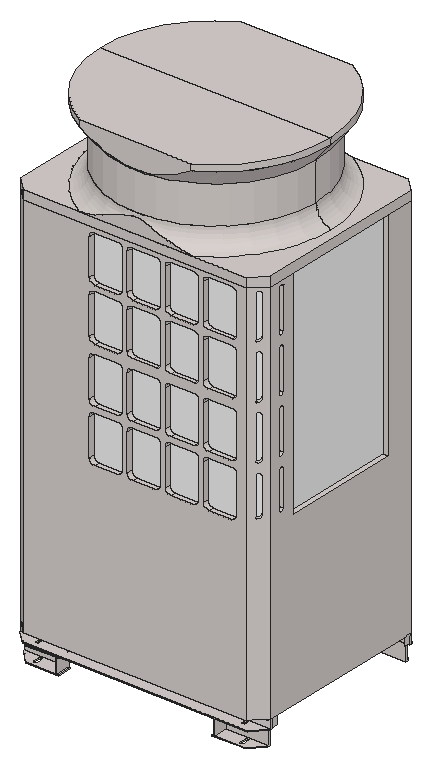
Revit family "PUHY-EM300YNW-A1", category 機械設備, Revit 2016 (continued)
Definition of nested family "FAN GUARD"
  Dimensions and locks
    locked: plane 10 "ファンガード上面" to plane 9 "ファンガード基準上面" at 303
    aligned and locked: level to plane 2
    aligned and locked: plane 5 to Extrusion 1 sketch curve
    aligned and locked: Extrusion 1 sketch curve to plane 6
    aligned and locked: plane 8 to Extrusion 1 sketch curve
    aligned and locked: plane 7 to Extrusion 1 sketch curve
    aligned and locked: plane 9 "ファンガード基準上面" to Extrusion 1
    aligned and locked: plane 4 "ファンガード基準面" to Extrusion 1
    aligned and locked: plane 9 "ファンガード基準上面" to Revolve 2 sketch curve
    aligned and locked: Revolve 2 sketch curve to plane 3 "中心(左/右)"
    aligned and locked: Extrusion 1 to Extrusion 3 sketch curve
    aligned and locked: Extrusion 3 sketch curve to Extrusion 1
    aligned and locked: cut or joined group of Revolve 2, Extrusion 3 to plane 10 "ファンガード上面"
  Automatic sketch dimensions
    Extrusion 1 sketch curve to plane 7 = 50.000 mm  (x2)
    plane 8 to Extrusion 1 sketch curve = 50.000 mm  (x2)
    plane 5 to Extrusion 1 sketch curve = 50.000 mm  (x2)
    Extrusion 1 sketch curve to plane 6 = 50.000 mm  (x2)
    plane 3 "中心(左/右)" to Extrusion 3 sketch curve = 345.000 mm  (x2)
    Extrusion 3 sketch curve to plane 3 "中心(左/右)" = 345.000 mm  (x2)
    Extrusion 3 sketch curve to Extrusion 3 sketch curve = 175.000 mm
    Extrusion 3 sketch curve to Extrusion 3 sketch curve = 169.592 mm
    plane 1 "中心(正面/背面)" to curve 2 = 0.000 mm
    plane 1 "中心(正面/背面)" to curve 3 = 0.000 mm
    curve 3 to plane 3 "中心(左/右)" = 0.000 mm
    curve 12 to plane 3 "中心(左/右)" = 0.000 mm
    plane 1 "中心(正面/背面)" to curve 1 = 0.000 mm
    plane 3 "中心(左/右)" to curve 55 = 10.000 mm
    curve 17 to curve 12 = 20.000 mm
    curve 57 to curve 55 = 20.000 mm
    curve 18 to curve 17 = 20.000 mm
    curve 58 to curve 57 = 20.000 mm
    curve 19 to curve 18 = 20.000 mm
    curve 59 to curve 58 = 20.000 mm
    curve 20 to curve 19 = 20.000 mm
    curve 2 to curve 59 = 10.000 mm
    curve 21 to curve 20 = 20.000 mm
    curve 22 to curve 21 = 20.000 mm
    curve 23 to curve 22 = 20.000 mm
    curve 24 to curve 23 = 20.000 mm
    curve 25 to curve 24 = 20.000 mm
    curve 26 to curve 25 = 20.000 mm
    curve 27 to curve 26 = 20.000 mm
    curve 28 to curve 27 = 20.000 mm
    curve 29 to curve 28 = 20.000 mm
    curve 11 to curve 29 = 16.639 mm
    curve 7 to curve 29 = 16.639 mm
    curve 30 to curve 7 = 3.361 mm
    curve 31 to curve 30 = 20.000 mm
    curve 32 to curve 31 = 20.000 mm
    curve 33 to curve 32 = 20.000 mm
    curve 6 to curve 33 = 8.323 mm
    curve 10 to curve 33 = 8.323 mm
    curve 34 to curve 10 = 11.677 mm
    curve 35 to curve 34 = 20.000 mm
    curve 9 to curve 35 = 11.572 mm
    curve 5 to curve 35 = 11.572 mm
    curve 36 to curve 9 = 8.428 mm
    curve 8 to curve 36 = 15.366 mm
    curve 4 to curve 36 = 15.366 mm
    curve 37 to curve 8 = 4.634 mm
    curve 2 to curve 37 = 3.000 mm
    curve 56 to plane 3 "中心(左/右)" = 10.000 mm
    curve 13 to plane 3 "中心(左/右)" = 20.000 mm
    curve 56 to curve 60 = 20.000 mm
    curve 13 to curve 14 = 20.000 mm
    curve 60 to curve 61 = 20.000 mm
    curve 14 to curve 15 = 20.000 mm
    curve 61 to curve 62 = 20.000 mm
    curve 15 to curve 16 = 20.000 mm
    curve 16 to curve 38 = 20.000 mm
    curve 38 to curve 39 = 20.000 mm
    curve 39 to curve 40 = 20.000 mm
    curve 40 to curve 41 = 20.000 mm
    curve 41 to curve 42 = 20.000 mm
    curve 42 to curve 43 = 20.000 mm
    curve 43 to curve 44 = 20.000 mm
    curve 44 to curve 45 = 20.000 mm
    curve 45 to curve 46 = 20.000 mm
    curve 46 to curve 7 = 16.639 mm
    curve 46 to curve 11 = 16.639 mm
    curve 7 to curve 47 = 3.361 mm
    curve 47 to curve 48 = 20.000 mm
    curve 48 to curve 49 = 20.000 mm
    curve 49 to curve 50 = 20.000 mm
    curve 50 to curve 6 = 8.323 mm
    curve 50 to curve 10 = 8.323 mm
    curve 10 to curve 51 = 11.677 mm
    curve 51 to curve 52 = 20.000 mm
    curve 52 to curve 9 = 11.572 mm
    curve 52 to curve 5 = 11.572 mm
    curve 5 to curve 53 = 8.428 mm
    curve 53 to curve 4 = 15.366 mm
    curve 53 to curve 8 = 15.366 mm
    curve 4 to curve 54 = 4.634 mm
    curve 54 to curve 1 = 3.000 mm
    curve 8 to plane 1 "中心(正面/背面)" = 80.000 mm
    curve 36 to curve 8 = 57.583 mm
    curve 53 to curve 8 = 57.583 mm
    curve 9 to curve 36 = 22.417 mm
    curve 52 to curve 9 = 25.820 mm
    curve 35 to curve 9 = 25.820 mm
    curve 51 to curve 52 = 36.282 mm
    curve 34 to curve 35 = 36.282 mm
    curve 10 to curve 51 = 17.899 mm
    curve 33 to curve 10 = 11.653 mm
    curve 50 to curve 10 = 11.653 mm
    curve 49 to curve 50 = 24.986 mm
    curve 32 to curve 33 = 24.986 mm
    curve 48 to curve 49 = 21.571 mm
    curve 31 to curve 32 = 21.571 mm
    curve 47 to curve 48 = 18.853 mm
    curve 30 to curve 31 = 18.853 mm
    curve 11 to curve 30 = 2.937 mm
    curve 29 to curve 11 = 13.660 mm
    curve 46 to curve 11 = 13.660 mm
    curve 28 to curve 29 = 14.663 mm
    curve 45 to curve 46 = 14.663 mm
    curve 44 to curve 45 = 12.965 mm
    curve 27 to curve 28 = 12.965 mm
    curve 12 to curve 27 = 8.712 mm
    curve 12 to curve 21 = 0.000 mm
    curve 13 to curve 12 = 0.000 mm
    curve 14 to curve 13 = 0.000 mm  (x2)
    curve 12 to curve 18 = 0.000 mm
    curve 21 to curve 23 = 0.000 mm
    curve 43 to curve 44 = 8.712 mm
    curve 23 to curve 24 = 0.000 mm  (x2)
    curve 43 to curve 42 = 0.000 mm  (x2)
    curve 24 to curve 25 = 0.000 mm  (x2)
    curve 42 to curve 41 = 0.000 mm  (x2)
    curve 25 to curve 26 = 0.000 mm  (x2)
    curve 41 to curve 40 = 0.000 mm  (x2)
    curve 20 to curve 21 = 0.000 mm  (x2)
    curve 40 to curve 39 = 0.000 mm  (x2)
    curve 15 to curve 14 = 0.000 mm
    curve 39 to curve 38 = 0.000 mm
    curve 38 to curve 16 = 0.000 mm  (x2)
    curve 18 to curve 19 = 0.000 mm  (x2)
    curve 12 to curve 17 = 0.000 mm  (x2)
    curve 21 to curve 22 = 0.000 mm  (x2)
    curve 8 to curve 37 = 29.711 mm
    curve 8 to curve 54 = 29.711 mm
    plane 1 "中心(正面/背面)" to curve 37 = 50.289 mm
    plane 1 "中心(正面/背面)" to curve 54 = 50.289 mm
    curve 37 to curve 4 = 29.711 mm
    curve 4 to curve 36 = 57.583 mm
    curve 4 to curve 53 = 57.583 mm
    curve 36 to curve 5 = 22.417 mm
    curve 5 to curve 52 = 25.820 mm
    curve 5 to curve 35 = 25.820 mm
    curve 35 to curve 34 = 36.282 mm
    curve 52 to curve 51 = 36.282 mm
    curve 51 to curve 6 = 17.899 mm
    curve 6 to curve 50 = 11.653 mm
    curve 6 to curve 33 = 11.653 mm
    curve 50 to curve 49 = 24.986 mm
    curve 33 to curve 32 = 24.986 mm
    curve 49 to curve 48 = 21.571 mm
    curve 32 to curve 31 = 21.571 mm
    curve 48 to curve 47 = 18.853 mm
    curve 31 to curve 30 = 18.853 mm
    curve 30 to curve 7 = 2.937 mm
    curve 7 to curve 46 = 13.660 mm
    curve 7 to curve 29 = 13.660 mm
    curve 29 to curve 28 = 14.663 mm
    curve 46 to curve 45 = 14.663 mm
    curve 45 to curve 44 = 12.965 mm
    curve 28 to curve 27 = 12.965 mm
    curve 44 to curve 13 = 8.712 mm
    curve 27 to curve 23 = 8.712 mm
    curve 15 to curve 13 = 0.000 mm
    curve 44 to curve 42 = 8.712 mm
    curve 16 to curve 15 = 0.000 mm
    curve 22 to curve 23 = 0.000 mm
    curve 13 to curve 17 = 0.000 mm
    curve 17 to curve 19 = 0.000 mm
    Revolve 2 sketch curve to plane 3 "中心(左/右)" = 0.000 mm
    Revolve 2 sketch curve to plane 10 "ファンガード上面" = 0.000 mm
    plane 9 "ファンガード基準上面" to Revolve 2 sketch curve = 70.141 mm
    Revolve 2 sketch curve to Revolve 2 sketch curve = 18.161 mm
    Revolve 2 sketch curve to level = 1700.815 mm
    Revolve 2 sketch curve to plane 10 "ファンガード上面" = 93.336 mm
    Revolve 2 sketch curve to plane 10 "ファンガード上面" = 24.000 mm
    Revolve 2 sketch curve to Revolve 2 sketch curve = 790.769 mm
    Revolve 2 sketch curve to Revolve 2 sketch curve = 17.668 mm
Definition of nested family "BASE LEG"
  Parameters
    Width [instance] = 920.000 mm
  Reference planes
    plane 1 "中心(正面/背面)": y = 0
    plane 2: z = 0
    plane 3 "中心(左/右)": x = 0
    plane 4: x = 460
    plane 5: x = -460
    plane 6: x = -380
    plane 7: x = 380
    plane 8: y = -18
    plane 9: y = 39
    plane 10: z = 53
    plane 11: y = 42
    plane 12: y = 27
    plane 13: x = 415
    plane 14: x = -415
    plane 15: z = 8
    plane 16: y = 11.5
    plane 17: z = 35
  Forms (mm)
    Extrusion 1, solid
      sketch origin (0, 0, 0) x (0, 1, 0) y (0, 0, 1)
        loop
          line (-18, 0) -> (36, 0) -> (36, 32) -> (56, 32) -> (56, 35) -> (33, 35) -> (33, 3) -> (-18, 3) -> (-18, 0)
      from -460 to 460
    Extrusion 2, void
      sketch origin (0, 0, 0) x (1, 0, 0) y (0, 1, 0)
        loop
          line (415, -18) -> (460, -18) -> (460, 27) -> (415, -18)
        loop
          line (-415, -18) -> (-460, 27) -> (-460, -18) -> (-415, -18)
      from 0 to 250
    Extrusion 3, void
      sketch origin (0, 12.023, 0) x (1, 0, 0) y (0, 1, 0)
        loop
          arc (373, -2.971) -> (380, -9.971) -> (387, -2.971) r 7
          line (387, -2.971) -> (387, 3.023)
          arc (387, 3.023) -> (380, 10.023) -> (373, 3.023) r 7
          line (373, 3.023) -> (373, -2.971)
        loop
          line (-373, -2.971) -> (-373, 3.023)
          arc (-373, 3.023) -> (-380, 10.023) -> (-387, 3.023) r 7
          line (-387, 3.023) -> (-387, -2.971)
          arc (-387, -2.971) -> (-380, -9.971) -> (-373, -2.971) r 7
      from 0 to 250
    Extrusion 4, solid
      sketch origin (0, 0, -3) x (1, 0, 0) y (0, 0, 1)
        loop
          line (457, 8) -> (460, 8) -> (460, 35) -> (457, 35) -> (457, 8)
        loop
          line (-457, 8) -> (-457, 35) -> (-460, 35) -> (-460, 8) -> (-457, 8)
      from -36 to -56
    Extrusion 5, solid
      sketch origin (150, 352, 0) x (1, 0, 0) y (0, 1, 0)
        loop
          line (310, -319) -> (305, -319) -> (305, -320) -> (255, -370) -> (260, -370) -> (310, -320) -> (310, -319)
      from 3 to 35
    Extrusion 6, void
      sketch origin (410, -18, 0) x (0.707107, 0.707107, 0) y (0, 0, 1)
        loop
          line (70.711, 3) -> (-6.741, 39.767) -> (-6.741, 3) -> (70.711, 3)
      from -190.256 to 23.776
    Extrusion 7, solid
      sketch origin (-150, 352, 0) x (-1, 0, 0) y (0, -1, 0)
        loop
          line (310, 319) -> (310, 320) -> (260, 370) -> (255, 370) -> (305, 320) -> (305, 319) -> (310, 319)
      from 3 to 35
    Extrusion 8, void
      sketch origin (-410, -18, 0) x (0.707107, -0.707107, 0) y (0, 0, -1)
        loop
          line (-70.711, -3) -> (0, -35) -> (6.741, -35) -> (6.741, -3) -> (-70.711, -3)
      from -190.256 to 23.776
  Cuts and joins
    Extrusion 2, Extrusion 3 cuts Extrusion 1
    joined: Extrusion 1, Extrusion 4
    Extrusion 8 cuts Extrusion 7
    Extrusion 6 cuts Extrusion 5
  Dimensions and locks
    "Width": plane 5 to plane 4
    equal spacing: plane 5, plane 3 "中心(左/右)", plane 4
    locked: plane 5 to plane 6 at 80
    locked: plane 7 to plane 4 at 80
    locked: plane 8 to plane 9 at 57
    locked: plane 10 to level at 53
    locked: plane 9 to plane 11 at 3
    plane 8 to plane 12 = 45.000 mm
    locked: plane 13 to plane 4 at 45
    locked: plane 5 to plane 14 at 45
    equal spacing: Extrusion 3 sketch curve, plane 7, Extrusion 3 sketch curve
    equal spacing: Extrusion 3 sketch curve, plane 6, Extrusion 3 sketch curve
    locked: plane 10 to plane 15 at 45
    locked: cut or joined group of Extrusion 1, Extrusion 2, Extrusion 3, Extrusion 4 to Extrusion 4 sketch curve at 3  (x2)
    locked: plane 8 to plane 16 at 29.5
    plane 8 to plane 11 = 60.000 mm
    cut or joined group of Extrusion 1, Extrusion 2, Extrusion 3, Extrusion 4 to cut or joined group of Extrusion 1, Extrusion 2, Extrusion 3, Extrusion 4 = 35.000 mm
    aligned and locked: level to plane 2
    aligned and locked: plane 8 to Extrusion 1 sketch curve
    aligned and locked: plane 4 to Extrusion 1
    aligned and locked: Extrusion 1 to plane 5
    aligned and locked: Extrusion 2 sketch curve to plane 4
    aligned and locked: Extrusion 2 sketch curve to plane 8
    aligned and locked: plane 12 to Extrusion 2 sketch curve
    aligned and locked: plane 13 to Extrusion 2 sketch curve
    aligned and locked: plane 4 to Extrusion 4 sketch curve
    aligned and locked: plane 5 to Extrusion 4 sketch curve
    aligned and locked: cut or joined group of Extrusion 7, Extrusion 8 to cut or joined group of Extrusion 1, Extrusion 2, Extrusion 3, Extrusion 4
  Automatic sketch dimensions
    Extrusion 3 sketch curve to plane 1 "中心(正面/背面)" = 9.052 mm  (x2)
    Extrusion 3 sketch curve to plane 7 = 7.000 mm
    Extrusion 3 sketch curve to plane 1 "中心(正面/背面)" = 15.046 mm  (x2)
    Extrusion 3 sketch curve to plane 6 = 7.000 mm
    Extrusion 2 sketch curve to plane 5 = 0.000 mm
    plane 8 to Extrusion 2 sketch curve = 0.000 mm
    Extrusion 2 sketch curve to plane 14 = 0.000 mm
    plane 12 to Extrusion 2 sketch curve = 0.000 mm
    Extrusion 4 sketch curve to plane 10 = 21.000 mm
    plane 7 to Extrusion 5 sketch curve = 25.000 mm
    Extrusion 5 sketch curve to Extrusion 5 sketch curve = 5.000 mm  (x2)
    plane 7 to Extrusion 5 sketch curve = 75.000 mm
    plane 8 to Extrusion 5 sketch curve = 0.000 mm
    Extrusion 5 sketch curve to Extrusion 5 sketch curve = 50.000 mm
    Extrusion 5 sketch curve to Extrusion 5 sketch curve = 0.000 mm
    Extrusion 5 sketch curve to Extrusion 5 sketch curve = 1.000 mm
    Extrusion 6 sketch curve to Extrusion 5 = 0.000 mm  (x2)
    Extrusion 6 sketch curve to Extrusion 5 = 6.741 mm
    Extrusion 6 sketch curve to Extrusion 5 = 4.767 mm
    plane 6 to Extrusion 7 sketch curve = 25.000 mm
    Extrusion 7 sketch curve to Extrusion 7 sketch curve = 5.000 mm  (x2)
    Extrusion 7 sketch curve to Extrusion 7 sketch curve = 45.000 mm
    Extrusion 7 sketch curve to plane 8 = 0.000 mm
    Extrusion 7 sketch curve to Extrusion 7 sketch curve = 50.000 mm
    Extrusion 7 sketch curve to Extrusion 7 sketch curve = 0.000 mm
    Extrusion 7 sketch curve to Extrusion 7 sketch curve = 1.000 mm
    Extrusion 8 sketch curve to Extrusion 7 = 0.000 mm  (x2)
    Extrusion 7 to Extrusion 8 sketch curve = 0.000 mm  (x2)
    Extrusion 7 to Extrusion 8 sketch curve = 6.741 mm
    Extrusion 4 sketch curve to plane 17 = 3.000 mm
    Extrusion 4 sketch curve to plane 15 = 3.000 mm  (x2)
    Extrusion 1 sketch curve to plane 17 = 0.000 mm
    Extrusion 1 sketch curve to level = 0.000 mm
    level to Extrusion 1 sketch curve = 3.000 mm
    plane 9 to Extrusion 1 sketch curve = 6.000 mm
    plane 9 to Extrusion 1 sketch curve = 3.000 mm
    Extrusion 1 sketch curve to plane 17 = 3.000 mm
    Extrusion 1 sketch curve to plane 11 = 14.000 mm
Definition of nested family "ATTACHMENT LEG"
  Parameters
    Width = 145.000 mm
  Reference planes
    plane 1: z = 0
    plane 2 "中心(左/右)": x = -6
    plane 3: x = -52
    plane 4: x = 85
    plane 5: x = 93
    plane 6: y = -21
    plane 7: y = 27
    plane 8: x = -30
    plane 9: y = 39
    plane 10: z = 60
    plane 11: z = 57
    plane 12: z = 3
    plane 13: x = 82
    plane 14: y = 36
    plane 15: x = -75
    plane 16: y = 31
    plane 17 "幅": x = 93
    plane 18: y = 2.5
    plane 19: y = 21
    plane 20: y = -10
  Forms (mm)
    Extrusion 1, solid
      sketch origin (0, -1, 0) x (1, 0, 0) y (0, 1, 0)
        loop
          line (-75, 36) -> (-75, 27) -> (-28, -20) -> (93, -20) -> (93, 32) -> (85, 32) -> (85, 36) -> (-75, 36)
      from 0 to 60
    Extrusion 2, void
      sketch origin (0, -3, 0) x (1, 0, 0) y (0, 0, 1)
        loop
          line (-75, 57) -> (-75, 3) -> (82, 3) -> (82, 57) -> (-75, 57)
        loop
          line (93, 57) -> (85, 57) -> (85, 3) -> (93, 3) -> (93, 57)
      from -35 to 18
    Extrusion 3, void
      sketch origin (-6, 5.5, 0) x (1, 0, 0) y (0, 1, 0)
        loop
          arc (-7, -8.5) -> (0, -15.5) -> (7, -8.5) r 7
          line (7, -8.5) -> (7, 8.5)
          arc (7, 8.5) -> (0, 15.5) -> (-7, 8.5) r 7
          line (-7, 8.5) -> (-7, -8.5)
      from 0 to 60
  Cuts and joins
    Extrusion 2, Extrusion 3 cuts Extrusion 1
  Dimensions and locks
    locked: plane 3 to plane 4 at 137
    locked: plane 3 to plane 5 at 145
    plane 6 to plane 7 = 48.000 mm
    locked: plane 10 to level at 60
    Extrusion 3 sketch curve to plane 2 "中心(左/右)" = 7.000 mm
    locked: plane 15 to plane 2 "中心(左/右)" at 69
    locked: plane 15 to plane 8 at 45
    locked: plane 6 to plane 18 at 23.5
    cut or joined group of Extrusion 1, Extrusion 2, Extrusion 3 to cut or joined group of Extrusion 1, Extrusion 2, Extrusion 3 = 168.000 mm
    cut or joined group of Extrusion 1, Extrusion 2, Extrusion 3 to cut or joined group of Extrusion 1, Extrusion 2, Extrusion 3 = 56.000 mm  (x2)
    plane 14 to plane 6 = 57.000 mm
    aligned and locked: level to plane 1
    aligned and locked: Extrusion 1 sketch curve to plane 4
    aligned and locked: Extrusion 1 sketch curve to plane 5
    aligned: plane 8 to Extrusion 1 sketch curve
    aligned and locked: plane 10 to Extrusion 1
    aligned and locked: Extrusion 2 sketch curve to plane 11
    aligned: plane 3 to Extrusion 2 sketch curve
    aligned and locked: plane 12 to Extrusion 2 sketch curve
    aligned and locked: Extrusion 2 sketch curve to plane 13
    aligned and locked: plane 6 to Extrusion 2
    aligned and locked: plane 11 to Extrusion 2 sketch curve
    aligned and locked: plane 5 to Extrusion 2 sketch curve
    aligned and locked: Extrusion 2 sketch curve to plane 12
    aligned and locked: Extrusion 2 sketch curve to plane 4
    aligned and locked: plane 15 to Extrusion 1 sketch curve
    aligned and locked: Extrusion 2 sketch curve to cut or joined group of Extrusion 1, Extrusion 2, Extrusion 3
    aligned and locked: Extrusion 1 to plane 16
Types (6, lengths in mm): name | Rated Load Ampacity (A) Heating mode | Rated Load Ampacity (A) Cooling mode | Voltage | Hertz | Heating Current (Nominal) (A) | Heating Current (Max) (A) | Cooling Current (A)
  PUHY-EM300YNW-A1_380V_50Hz | 15.6 | 14.3 | 380 V | 50 Hz | 11.2 | 13.4 | 12.5
  PUHY-EM300YNW-A1_380V_60Hz | 15.6 | 14.3 | 380 V | 60 Hz | 11.2 | 13.4 | 12.5
  PUHY-EM300YNW-A1_400V_50Hz | 14.9 | 13.5 | 400 V | 50 Hz | 10.6 | 12.7 | 11.9
  PUHY-EM300YNW-A1_400V_60Hz | 14.9 | 13.5 | 400 V | 60 Hz | 10.6 | 12.7 | 11.9
  PUHY-EM300YNW-A1_415V_50Hz | 14.3 | 13.1 | 415 V | 50 Hz | 10.3 | 12.2 | 11.5
  PUHY-EM300YNW-A1_415V_60Hz | 14.3 | 13.1 | 415 V | 60 Hz | 10.3 | 12.2 | 11.5
